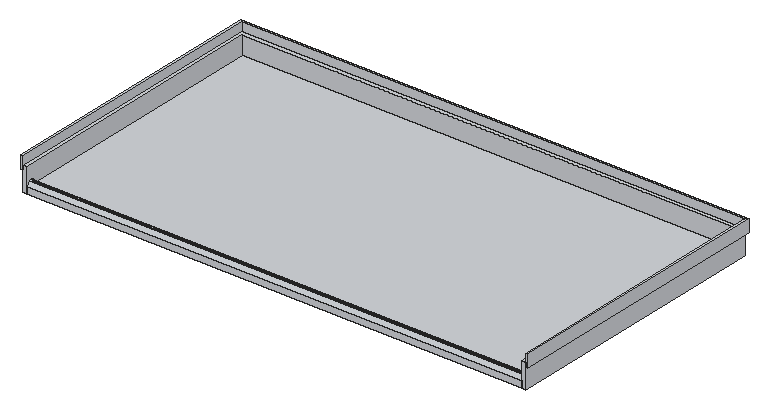
Revit family "Shower_Base-Willoughby AS-S3060ADA-C", category Plumbing Fixtures, Revit 2015
Parameters (values of type "Center Drain")
  Waste Connection = no
  Vent Connection = no
  URL = "https://www.willoughby-ind.com/wp-content/uploads/2018/01/AS-S3060ADA.pdf"
  Revision = "A"
  Model = "AS-S3060ADA-C\r\nAS-S3060ADA\r\nAS-S3060ADA-C"
  Manufacturer = "Willoughby Industries"
  Location Drain = 2' - 7 1/4"
  HW Connection = no
  Drain Rear Edge = 0' - 5 3/8"
  Description = "30\" X 60\" Shower Base, Rear Trench, Center Drain"
  Contact number = "(800) 428-4065"
  CW Connection = no
Reference planes (in)
  plane 1 "Center (Front/Back)": y = 0
  plane 2: z = 0
  plane 3 "Center (Left/Right)": x = 0
Forms (in)
  Extrusion 1, solid
    sketch origin (0, 0, 0) x (1, 0, 0) y (0, 1, 0)
      loop
        line (-30.5, 0) -> (-30.5, -18) -> (30.5, -18) -> (30.5, 15.25) -> (-30.5, 15.25) -> (-30.5, 0)
    from 0 to 0.75
  Extrusion 2, solid
    sketch origin (0, 0, 0) x (1, 0, 0) y (0, 1, 0)
      loop
        line (-30.5, -18) -> (-30.5, 15.25) -> (30.5, 15.25) -> (30.5, -18) -> (31, -18) -> (31, 15.75) -> (-31, 15.75) -> (-31, -18) -> (-30.5, -18)
    from 0 to 3
  Extrusion 3, solid
    sketch origin (0, 0, 0) x (1, 0, 0) y (0, 1, 0)
      loop
        line (-31.25, -18) -> (-31, -18) -> (-31, 15.75) -> (31, 15.75) -> (31, -18) -> (31.25, -18) -> (31.25, 16) -> (-31.25, 16) -> (-31.25, -18)
    from 2.5 to 4
  Extrusion 4, solid
    sketch origin (0, 0, 0) x (1, 0, 0) y (0, 1, 0)
      loop
        circle (0, 10.625) r 1
    from -1.5625 to 0
  Extrusion 5, solid
    sketch origin (0, 0, 0) x (0, 1, 0) y (0, 0, 1)
      loop
        line (-18, 0.75) -> (-16.875, 0.75) -> (-17.18771, 1.27118)
        arc (-17.18771, 1.27118) -> (-17.26968, 1.34416) -> (-17.375, 1.375) r 0.25
        line (-17.375, 1.375) -> (-17.5, 1.375)
        arc (-17.5, 1.375) -> (-17.60532, 1.34416) -> (-17.68729, 1.27118) r 0.25
        line (-17.68729, 1.27118) -> (-18, 0.75)
    from -30.5 to 30.5
Dimensions and locks (in)
  "Location Drain": Extrusion 3 to Extrusion 4 sketch curve
  "Drain Rear Edge": Extrusion 3 to Extrusion 4 sketch curve
  aligned and locked: level to plane 2
  aligned and locked: Extrusion 5 to Extrusion 2
  aligned and locked: Extrusion 2 to Extrusion 1 sketch curve
  aligned and locked: Extrusion 1 sketch curve to Extrusion 2  (x2)
Automatic sketch dimensions
  Extrusion 2 sketch curve to plane 3 "Center (Left/Right)" = 2' - 7"
  Extrusion 2 sketch curve to Extrusion 2 sketch curve = 0' - 0 1/2"  (x3)
  plane 3 "Center (Left/Right)" to Extrusion 2 sketch curve = 2' - 6 1/2"
  plane 1 "Center (Front/Back)" to Extrusion 2 sketch curve = 1' - 6"  (x2)
  Extrusion 2 sketch curve to plane 1 "Center (Front/Back)" = 1' - 3 1/4"
  level to Extrusion 5 sketch curve = 0' - 0 3/4"
  plane 1 "Center (Front/Back)" to Extrusion 5 sketch curve = 1' - 6"
  level to Extrusion 5 sketch curve = 0' - 1.27118"  (x2)
  Extrusion 5 sketch curve to Extrusion 5 sketch curve = 0' - 0.31271"  (x2)
  Extrusion 5 sketch curve to Extrusion 5 sketch curve = 0' - 0.18729"  (x2)
  Extrusion 5 sketch curve to Extrusion 5 sketch curve = 0' - 0.20317"
  Extrusion 5 sketch curve to Extrusion 5 sketch curve = 0' - 0.09324"
  Extrusion 5 sketch curve to Extrusion 5 sketch curve = 0' - 0 1/8"
  Extrusion 5 sketch curve to Extrusion 5 sketch curve = 0' - 0.14568"
  Extrusion 3 sketch curve to plane 3 "Center (Left/Right)" = 2' - 7 1/4"
  Extrusion 3 sketch curve to Extrusion 3 sketch curve = 0' - 0 1/4"  (x3)
  plane 3 "Center (Left/Right)" to Extrusion 3 sketch curve = 2' - 7"
  plane 1 "Center (Front/Back)" to Extrusion 3 sketch curve = 1' - 6"  (x2)
  Extrusion 3 sketch curve to plane 1 "Center (Front/Back)" = 1' - 3 3/4"
  plane 1 "Center (Front/Back)" to Extrusion 1 sketch curve = 0' - 0"
  plane 1 "Center (Front/Back)" to Extrusion 1 sketch curve = 1' - 6"
  radius of Extrusion 4 sketch curve = 0' - 1"
